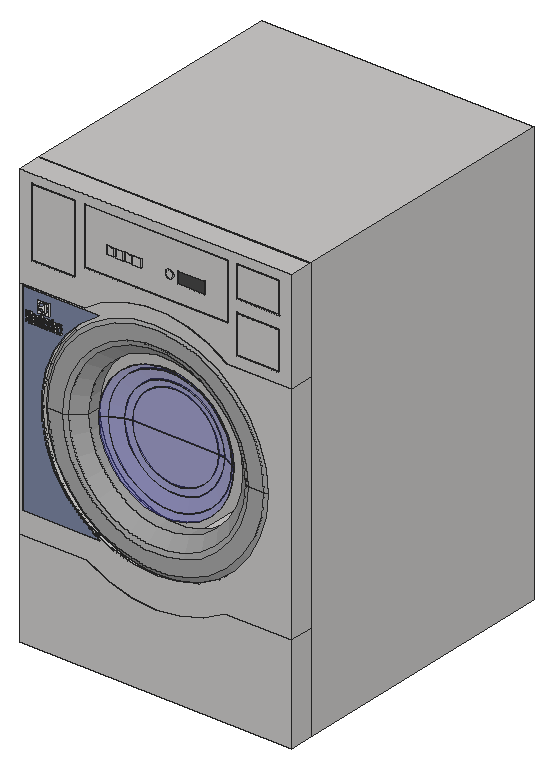
Revit family "QF_ELECTROLUXPROFESSIONAL_1LSNA4_TE1220G", category Specialty Equipment, Revit 2014 (continued)
Automatic sketch dimensions
  Extrusion 27 sketch curve to Extrusion 27 sketch curve = 0.602 mm
  Extrusion 27 sketch curve to Extrusion 27 sketch curve = 0.128 mm
  Extrusion 27 sketch curve to Extrusion 27 sketch curve = 0.043 mm
  Extrusion 27 sketch curve to Extrusion 27 sketch curve = 1.459 mm
  Extrusion 27 sketch curve to Extrusion 27 sketch curve = 2.044 mm
  Extrusion 27 sketch curve to Extrusion 27 sketch curve = 0.323 mm
  Extrusion 27 sketch curve to Extrusion 27 sketch curve = 1.43 mm
  Extrusion 27 sketch curve to Extrusion 27 sketch curve = 2.692 mm  (x2)
  Extrusion 27 sketch curve to Extrusion 27 sketch curve = 7.068 mm
  Extrusion 27 sketch curve to Extrusion 27 sketch curve = 1.934 mm
  Extrusion 27 sketch curve to Extrusion 27 sketch curve = 1.058 mm
  Extrusion 27 sketch curve to Extrusion 27 sketch curve = 1.034 mm  (x4)
  Extrusion 27 sketch curve to Extrusion 27 sketch curve = 1.157 mm
  Extrusion 27 sketch curve to Extrusion 27 sketch curve = 0.881 mm
  Extrusion 27 sketch curve to Extrusion 27 sketch curve = 1.111 mm
  Extrusion 27 sketch curve to Extrusion 27 sketch curve = 0.49 mm
  Extrusion 27 sketch curve to Extrusion 27 sketch curve = 0.464 mm
  Extrusion 27 sketch curve to Extrusion 27 sketch curve = 1.509 mm
  Extrusion 27 sketch curve to Extrusion 27 sketch curve = 0.932 mm
  Extrusion 27 sketch curve to Extrusion 27 sketch curve = 1.11 mm
  Extrusion 27 sketch curve to Extrusion 27 sketch curve = 2.524 mm
  Extrusion 27 sketch curve to Extrusion 27 sketch curve = 1.044 mm
  Extrusion 27 sketch curve to Extrusion 27 sketch curve = 1.005 mm  (x2)
  Extrusion 27 sketch curve to Extrusion 27 sketch curve = 2.261 mm
  Extrusion 27 sketch curve to Extrusion 27 sketch curve = 0.039 mm
  Extrusion 27 sketch curve to Extrusion 27 sketch curve = 2.525 mm
  Extrusion 27 sketch curve to Extrusion 27 sketch curve = 1.915 mm
  Extrusion 27 sketch curve to Extrusion 27 sketch curve = 1.54 mm
  Extrusion 27 sketch curve to Extrusion 27 sketch curve = 6.935 mm
  Extrusion 27 sketch curve to Extrusion 27 sketch curve = 6.556 mm
  Extrusion 27 sketch curve to Extrusion 27 sketch curve = 5.536 mm
  Extrusion 27 sketch curve to Extrusion 27 sketch curve = 0.436 mm  (x2)
  Extrusion 27 sketch curve to Extrusion 27 sketch curve = 1.551 mm  (x2)
  Extrusion 27 sketch curve to Extrusion 27 sketch curve = 0.211 mm  (x2)
  Extrusion 27 sketch curve to Extrusion 27 sketch curve = 0.238 mm  (x2)
  Extrusion 27 sketch curve to Extrusion 27 sketch curve = 0.121 mm  (x2)
  Extrusion 27 sketch curve to Extrusion 27 sketch curve = 0.369 mm  (x2)
  Extrusion 27 sketch curve to Extrusion 27 sketch curve = 0.007 mm  (x2)
  Extrusion 27 sketch curve to Extrusion 27 sketch curve = 0.094 mm  (x2)
  Extrusion 27 sketch curve to Extrusion 27 sketch curve = 0.139 mm  (x2)
  Extrusion 27 sketch curve to Extrusion 27 sketch curve = 0.17 mm  (x2)
  Extrusion 27 sketch curve to Extrusion 27 sketch curve = 0.08 mm  (x2)
  Extrusion 27 sketch curve to Extrusion 27 sketch curve = 0.095 mm  (x2)
  Extrusion 27 sketch curve to Extrusion 27 sketch curve = 10.261 mm
  Extrusion 27 sketch curve to Extrusion 27 sketch curve = 0.432 mm  (x2)
  Extrusion 27 sketch curve to Extrusion 27 sketch curve = 2.837 mm
  Extrusion 27 sketch curve to Extrusion 27 sketch curve = 1.28 mm  (x2)
  Extrusion 27 sketch curve to Extrusion 27 sketch curve = 0.897 mm  (x2)
  Extrusion 27 sketch curve to Extrusion 27 sketch curve = 2.483 mm
  Extrusion 27 sketch curve to Extrusion 27 sketch curve = 1.403 mm
  Extrusion 27 sketch curve to Extrusion 27 sketch curve = 2.3 mm
  Extrusion 27 sketch curve to Extrusion 27 sketch curve = 0.278 mm
  Extrusion 27 sketch curve to Extrusion 27 sketch curve = 0.055 mm
  Extrusion 27 sketch curve to Extrusion 27 sketch curve = 2.277 mm
  Extrusion 27 sketch curve to Extrusion 27 sketch curve = 2.5 mm
  Extrusion 27 sketch curve to Extrusion 27 sketch curve = 4.162 mm
  Extrusion 27 sketch curve to Extrusion 27 sketch curve = 3.972 mm
  Extrusion 27 sketch curve to Extrusion 27 sketch curve = 0.049 mm
  Extrusion 27 sketch curve to Extrusion 27 sketch curve = 0.188 mm
  Extrusion 27 sketch curve to Extrusion 27 sketch curve = 1.466 mm
  Extrusion 27 sketch curve to Extrusion 27 sketch curve = 0.158 mm
  Extrusion 27 sketch curve to Extrusion 27 sketch curve = 0.575 mm
  Extrusion 27 sketch curve to Extrusion 27 sketch curve = 4.547 mm
  Extrusion 27 sketch curve to Extrusion 27 sketch curve = 4.265 mm
  Extrusion 27 sketch curve to Extrusion 27 sketch curve = 0.181 mm
  Extrusion 27 sketch curve to Extrusion 27 sketch curve = 0.042 mm  (x4)
  Extrusion 27 sketch curve to Extrusion 27 sketch curve = 2.073 mm
  Extrusion 27 sketch curve to Extrusion 27 sketch curve = 2.557 mm
  Extrusion 27 sketch curve to Extrusion 27 sketch curve = 6.418 mm
  Extrusion 27 sketch curve to Extrusion 27 sketch curve = 2.6 mm
  Extrusion 27 sketch curve to Extrusion 27 sketch curve = 0.063 mm
  Extrusion 27 sketch curve to Extrusion 27 sketch curve = 1.604 mm
  Extrusion 27 sketch curve to Extrusion 27 sketch curve = 4.107 mm
  Extrusion 27 sketch curve to Extrusion 27 sketch curve = 1.173 mm
  Extrusion 27 sketch curve to Extrusion 27 sketch curve = 0.701 mm
  Extrusion 27 sketch curve to Extrusion 27 sketch curve = 0.021 mm
  Extrusion 27 sketch curve to Extrusion 27 sketch curve = 1.778 mm
  Extrusion 27 sketch curve to Extrusion 27 sketch curve = 1.952 mm
  Extrusion 27 sketch curve to Extrusion 27 sketch curve = 2.342 mm
  Extrusion 27 sketch curve to Extrusion 27 sketch curve = 0.848 mm
  Extrusion 27 sketch curve to Extrusion 27 sketch curve = 1.004 mm
  Extrusion 27 sketch curve to Extrusion 27 sketch curve = 0.983 mm
  Extrusion 27 sketch curve to Extrusion 27 sketch curve = 2.068 mm
  Extrusion 27 sketch curve to Extrusion 27 sketch curve = 5.916 mm
  Extrusion 27 sketch curve to Extrusion 27 sketch curve = 0.904 mm
  Extrusion 27 sketch curve to Extrusion 27 sketch curve = 0.862 mm
  Extrusion 27 sketch curve to Extrusion 27 sketch curve = 2.504 mm
  Extrusion 27 sketch curve to Extrusion 27 sketch curve = 1.033 mm
  Extrusion 27 sketch curve to Extrusion 27 sketch curve = 1.176 mm  (x2)
  Extrusion 27 sketch curve to Extrusion 27 sketch curve = 0.974 mm  (x2)
  Extrusion 27 sketch curve to Extrusion 27 sketch curve = 0.113 mm  (x2)
  Extrusion 27 sketch curve to Extrusion 27 sketch curve = 0.347 mm  (x2)
  Extrusion 27 sketch curve to Extrusion 27 sketch curve = 0.294 mm  (x2)
  Extrusion 27 sketch curve to Extrusion 27 sketch curve = 0.31 mm  (x2)
  Extrusion 27 sketch curve to Extrusion 27 sketch curve = 0.81 mm  (x2)
  plane 4 "LEFT" to Extrusion 28 sketch curve = 6 mm
  level to Extrusion 28 sketch curve = 580 mm
  Extrusion 28 sketch curve to plane 3 "Center (Left/Right)" = 142.004 mm  (x2)
  Extrusion 28 sketch curve to plane 9 "TOP" = 264 mm
  Extrusion 28 sketch curve to plane 3 "Center (Left/Right)" = 0 mm
  Extrusion 29 sketch curve to plane 3 "Center (Left/Right)" = 0 mm
  Extrusion 29 sketch curve to plane 9 "TOP" = 518 mm
  Extrusion 29 sketch curve to plane 9 "TOP" = 264 mm
  Extrusion 29 sketch curve to plane 3 "Center (Left/Right)" = 142.004 mm  (x2)
  plane 4 "LEFT" to Extrusion 29 sketch curve = 6 mm
  Extrusion 30 sketch curve to plane 5 "RIGHT" = 82.5 mm
  level to Extrusion 30 sketch curve = 52.3 mm
  radius of Extrusion 2 sketch curve = 242.757 mm
  radius of Extrusion 6 sketch curve = 20 mm
  radius of Extrusion 7 sketch curve = 11 mm
  radius of Extrusion 8 sketch curve = 20 mm
  radius of Extrusion 9 sketch curve = 11 mm
  radius of Revolve 10 sketch curve = 285 mm
  radius of Extrusion 11 sketch curve = 20 mm
  radius of Extrusion 12 sketch curve = 11 mm
  radius of Extrusion 13 sketch curve = 20 mm
  radius of Extrusion 14 sketch curve = 11 mm
  radius of Extrusion 17 sketch curve = 285 mm
  radius of Extrusion 19 sketch curve = 10 mm
  radius of Extrusion 21 sketch curve = 10 mm
  radius of Extrusion 23 sketch curve = 51 mm
  radius of Extrusion 26 sketch curve = 5 mm
  radius of Extrusion 27 sketch curve = 2.611 mm  (x2)
  radius of Extrusion 27 sketch curve = 1.657 mm
  radius of Extrusion 27 sketch curve = 1.564 mm
  radius of Extrusion 30 sketch curve = 4.763 mm
Connectors
  electrical at (-209.295, 411, 810)
    settings: on Extrusion 26, index 6, voltage 0 V, apparent load 0 VA, apparent load phase1 0 VA, apparent load phase2 0 VA, apparent load phase3 0 VA, power factor 1, load classification "Other", number of poles 1, system type 30, power factor state 1, is connector primary yes, connector utility no, sub classification motor no, connector description "Electrical Connection"
  hvac at (27.1, 360.57, 84.8)
    settings: on Extrusion 23, index 7, duct flow 0.0 L/s, flow factor 0, pres drop 0.0 Pa, loss coef 0, conn angle 0.00°, conn width 304.8 mm, conn height 304.8 mm, conn diameter 102 mm, duct sys type 2, conn prof type 0, flow config 1, flow direction 2, loss method 0, conn ref index -1, conn util no, is conn primary yes, conn desc "Air connection"
  piping at (260.5, 357.286, 52.3), diameter 9.5
    settings: on Extrusion 30, index 8, connector inside diameter 609.6 mm, connector length 0 mm, flow factor 0, pipe flow 0.0 L/s, pressure drop 0.0 Pa, fitting loss kfactor 0, connector angle 0.00°, fixture units 0, engagement length 0 mm, angle of deflection 0.00°, flow configuration 1, flow direction 1, fitting loss method 0, system type 7, joint type 0, gender type 0, connector reference index -1, connector utility 0, adjustable connector no, is connector primary yes, connector description "Gas connection"
